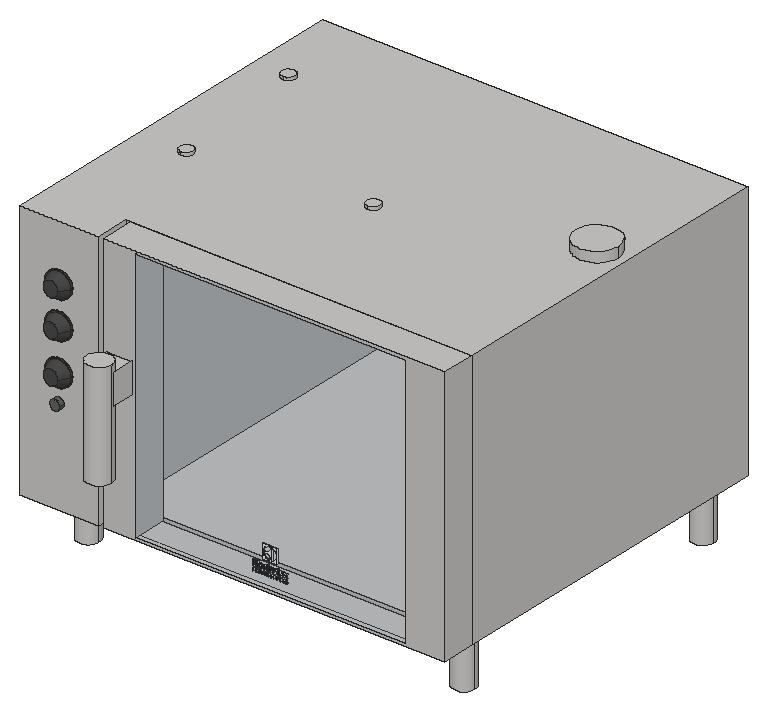
Revit family "QF_ELECTROLUXPROFESSIONAL_260689_EFCE61CSCS", category Attrezzature speciali, Revit 2018
Family settings
  Quota connettore circolare = Usa diametro
  Tipo di parte = Normale
  Basato su piano di lavoro = No
  Sempre verticale = Sì
  Taglio con vuoti quando caricato = No
  Condiviso = No
  Punto di calcolo locali = No
Parameters (values of type "Standard")
  Weight = 79.50 kg
  Watts = 7700 W
  Volts = 230 V
  URL Manufacturer = "https://www.electroluxprofessional.com/"
  URL = "https://www.electroluxprofessional.com/"
  Steam Supply Size = 0 mm
  Steam Supply Minimum Pressure = 0.0 Pa
  Steam Supply Maximum Pressure = 0.0 Pa
  Steam Consumption per Hour = 0
  Show Logo [instance] = yes
  Show Clearance [instance] = yes
  Refrigeration Suction Line Size = 0 mm
  Refrigeration Liquid Line Size = 0 mm
  Refrigerant Compressor Remote = yes
  Produttore = "Electrolux Professional"
  Phase = 3
  Modello = "EFCE61CSCS"
  Length Actual = 860 mm  # constant formula
  Item Number = "260689"
  Hot Water Size = 0 mm
  Height Actual = 633 mm  # constant formula
  HP = "10.3 HP"
  Gas Size = 0 mm
  Gas KW = 0
  Gas Input Pressure = 0 W
  Direct Waste Size = 25 mm
  Descrizione = "CONVECTION OVEN CW 6 GN 1/1 - ELECTRIC - 230V"
  Depth Actual = 746 mm  # constant formula
  Cycle = 50 Hz
  Condensate Return Size = 0 mm
  Compressed Air Volume = 0.0 L/s
  Compressed Air Size = 0 mm
  Compressed Air Pressure = 0.0 Pa
  Cold Water Size = 19.05 mm
  Accessory = yes
Types (2, lengths in mm): name | URL | Produttore | Phase | Modello | Direct Waste Size | Descrizione | Cold Water Size
  (no name) | 0 | 0 | 0 | 0 | 0 | 0 | 0
  Standard | "https://www.electroluxprofessional.com/" | "Electrolux Professional" | 3 | "EFCE61CSCS" | 25 | "CONVECTION OVEN CW 6 GN 1/1 - ELECTRIC - 230V" | 19.05
Values of the unnamed type that differ from the named types
  Weight = 0.00 kg
  Watts = 0 W
  Volts = 0 V
  URL Manufacturer = ""
  Item Number = ""
  HP = ""
  Cycle = 0 Hz
Reference planes
  plane 1 "Center X": y = 96.851
  plane 2: z = 0
  plane 3 "Center Y": x = -330
  plane 4 "LEFT": x = -760
  plane 5 "BACK": y = 479.851
  plane 6 "RIGHT": x = 100
  plane 7 "FRONT": y = -286.149
  plane 8: x = -710
  plane 9: y = 421.851
  plane 10: y = -217.149
  plane 11: x = 50
  plane 12: y = -935.149
  plane 13: z = 108
  plane 14 "Center Z": z = 633
  plane 15: z = 0
Forms (mm)
  Extrusion 1, solid, material "QF_Finishes_Stainless Steel"
    sketch origin (0, 0, 633) x (-1, 0, 0) y (0, -1, 0)
      loop
        line (760, -479.851) -> (760, 286.149) -> (600, 286.149) -> (600, 217.149) -> (-100, 217.149) -> (-100, -479.851) -> (760, -479.851)
    from 0 to -525
  Extrusion 2, solid, material "QF_Finishes_Stainless Steel"
    sketch origin (0, -286.149, -670) x (-1, 0, 0) y (0, 0, 1)
      loop
        line (590, 1303) -> (-100, 1303) -> (-100, 778) -> (590, 778) -> (590, 1303)
      loop
        line (525, 1298) -> (-20, 1298) -> (-20, 783) -> (525, 783) -> (525, 1298)
    from 0 to 69
  Extrusion 3, solid, material "QF_Finishes_Glass"
    sketch origin (0, -286.149, -670) x (-1, 0, 0) y (0, 0, 1)
      loop
        line (-20, 1298) -> (-20, 783) -> (525, 783) -> (525, 1298) -> (-20, 1298)
    from 0 to 9.69
  Extrusion 4, solid, material "QF_Finishes_Stainless Steel"
    sketch origin (-46, 39, 638) x (0, -1, 0) y (-1, 0, 0)
      loop
        circle (-265.851, 643) r 13.25
    from 0 to 5
  Extrusion 5, solid, material "QF_Door-Drawer Clearances", visible <- "Show Clearance", detail levels coarse
    sketch origin (0, 0, 633) x (-1, 0, 0) y (0, -1, 0)
      loop
        arc (590, 286.149) -> (370.364, 743.933) -> (-100, 935.149) r 704.475
        line (-100, 935.149) -> (-100, 286.149) -> (590, 286.149)
    from -525 to 0
  Extrusion 6, solid, material "QF_Finishes_Stainless Steel"
    sketch origin (-20, -252, 638) x (0, -1, 0) y (-1, 0, 0)
      loop
        circle (-265.851, 643) r 13.25
    from 0 to 5
  Extrusion 7, solid, material "QF_Finishes_Stainless Steel"
    sketch origin (335, -276, 638) x (0, -1, 0) y (-1, 0, 0)
      loop
        circle (-337.851, 658) r 13.25
    from 0 to 5
  Extrusion 8, solid, material "QF_Finishes_Black"
    sketch origin (24, -286.149, -751.676) x (-1, 0, 0) y (0, 0, 1)
      loop
        circle (704, 1195.5) r 26.676
    from 0 to -3
  Blend 9, solid, material "QF_Finishes_Black"
    base sketch origin (-6, -286.149, -751.676) x (1, 0, 0) y (0, 0, 1)
      loop
        circle (-674, 1195.5) r 25
    top sketch origin (-6, -286.149, -751.676) x (1, 0, 0) y (0, 0, 1)
      loop
        circle (-674, 1195.5) r 15
    from 3 to 21.442
  Extrusion 10, solid, material "QF_Finishes_Black"
    sketch origin (24, -286.149, -836.676) x (-1, 0, 0) y (0, 0, 1)
      loop
        circle (704, 1195.5) r 26.676
    from 0 to -3
  Blend 11, solid, material "QF_Finishes_Black"
    base sketch origin (-6, -286.149, -836.676) x (1, 0, 0) y (0, 0, 1)
      loop
        circle (-674, 1195.5) r 25
    top sketch origin (-6, -286.149, -836.676) x (1, 0, 0) y (0, 0, 1)
      loop
        circle (-674, 1195.5) r 15
    from 3 to 21.442
  Extrusion 12, solid, material "QF_Finishes_Black"
    sketch origin (24, -286.149, -971.676) x (-1, 0, 0) y (0, 0, 1)
      loop
        circle (704, 1490.5) r 26.676
    from 0 to -3
  Blend 13, solid, material "QF_Finishes_Black"
    base sketch origin (-6, -286.149, -971.676) x (1, 0, 0) y (0, 0, 1)
      loop
        circle (-674, 1490.5) r 25
    top sketch origin (-6, -286.149, -971.676) x (1, 0, 0) y (0, 0, 1)
      loop
        circle (-674, 1490.5) r 15
    from 3 to 21.442
  Extrusion 14, solid, material "QF_Finishes_Stainless Steel"
    sketch origin (0, -572.298, 425) x (-1, 0, 0) y (0, -1, 0)
      loop
        arc (584.299, -236.149) -> (559.299, -261.149) -> (534.299, -236.149) r 25
        line (534.299, -236.149) -> (534.299, -286.149) -> (584.299, -286.149) -> (584.299, -236.149)
    from -55.026 to 5
  Extrusion 15, solid, material "QF_Finishes_Stainless Steel"
    sketch origin (0, -534.298, 425) x (-1, 0, 0) y (0, -1, 0)
      loop
        circle (559.299, -198.149) r 25
    from -193.655 to 20
  Extrusion 16, solid, material "QF_Finishes_Dark_Gray"
    sketch origin (25, -336.149, -915) x (-1, 0, 0) y (0, 0, 1)
      loop
        circle (705.941, 1218.523) r 10
    from 40 to 50
  Extrusion 17, solid, material "QF_Finishes_Stainless Steel"
    sketch origin (72.184, -18.929, 633) x (-1, 0, 0) y (0, -1, 0)
      loop
        circle (32.184, -192.78) r 43
    from 0 to 20
  Extrusion 18, void
    sketch origin (-600, -680.149, 1750) x (-1, 0, 0) y (0, 0, 1)
      loop
        line (0, -1138.194) -> (-650, -1138.194) -> (-650, -1630) -> (0, -1630) -> (0, -1138.194)
    from 463 to 1102
Cuts and joins
  Extrusion 18 cuts Extrusion 1
Lines and regions (mm)
  Split face 1
    outline origin (-760, -286.149, 633) x (0, 0, -1) y (1, 0, 0)
      loop
        line (5, 15) -> (520, 15) -> (520, 145) -> (5, 145) -> (5, 15)
  Split face 2
    outline origin (-776.014, -286.149, 425.001) x (0, 0, -1) y (1, 0, 0)
      loop
        line (152.5, 78.5) -> (168.75, 78.5) -> (168.75, 113.5) -> (152.5, 113.5) -> (152.5, 78.5)
  Split face 3
    outline origin (-760, -286.149, 633) x (0, 0, -1) y (1, 0, 0)
      loop
        line (50, 15) -> (50, 145)
  Split face 4
    outline origin (-760, -286.149, 633) x (0, 0, -1) y (1, 0, 0)
      loop
        line (475, 15) -> (475, 145)
  Split face 5
    outline origin (20, -286.149, 113) x (1, 0, 0) y (0, 0, 1)
      loop
        line (-524.004, 73.11) -> (-374.004, 73.11) -> (-352.791, 94.323) -> (-192.209, 94.323) -> (-170.996, 73.11) -> (-20.996, 73.11) -> (-20.996, 448.11) -> (-524.004, 448.11) -> (-524.004, 73.11)
  symbolic lines
    curve 1: line (-760, -286.149, 1303) -> (-760, 479.851, 1303)
    curve 2: line (-760, 479.851, 1303) -> (100, 479.851, 1303)
    curve 3: line (-600, -217.149, 1303) -> (100, -217.149, 1303)
    curve 4: line (-600, -217.149, 1303) -> (-600, -286.149, 1303)
    curve 5: line (-760, -286.149, 1303) -> (100, -286.149, 1303)
    curve 6: line (-706.676, -289.149, 1303) -> (-653.324, -289.149, 1303)
    curve 7: line (-695, -307.591, 1303) -> (-665, -307.591, 1303)
    curve 8: line (-706.676, -289.149, 1303) -> (-706.676, -286.149, 1303)
    curve 9: line (-653.324, -289.149, 1303) -> (-653.324, -286.149, 1303)
    curve 10: line (-695, -307.591, 1303) -> (-705, -289.149, 1303)
    curve 11: line (-665, -307.591, 1303) -> (-655.006, -289.149, 1303)
    curve 12: line (100, 479.851, 1303) -> (100, -286.149, 1303)
    curve 14: line (-534.299, -336.149, 1303) -> (-534.299, -286.149, 1303)
    curve 15: line (-584.299, -286.149, 1303) -> (-584.299, -336.149, 1303)
    curve 16: arc (-534.299, -336.149, 1303) -> (-559.299, -361.149, 1303) -> (-584.299, -336.149, 1303) r 25
    curve 17: arc (-584.299, -336.149, 1303) -> (-559.299, -311.149, 1303) -> (-534.299, -336.149, 1303) r 25
    curve 19: arc (83, 173.851, 1303) -> (40, 216.851, 1303) -> (-3, 173.851, 1303) r 43
    curve 20: arc (-3, 173.851, 1303) -> (40, 130.851, 1303) -> (83, 173.851, 1303) r 43
  symbolic lines, style "QF_Door-Drawer Clearances"
    curve 13: line (100, -935.149, 1303) -> (100, -286.149, 1303)
    curve 18: arc (-590, -286.149, 1303) -> (-370.364, -743.933, 1303) -> (100, -935.149, 1303) r 704.475
Dimensions and locks
  equal spacing: plane 4 "LEFT", plane 3 "Center Y", plane 6 "RIGHT"
  plane 4 "LEFT" to plane 6 "RIGHT" = 860 mm
  plane 5 "BACK" to plane 7 "FRONT" = 766 mm
  equal spacing: plane 5 "BACK", plane 1 "Center X", plane 7 "FRONT"
  plane 5 "BACK" to plane 12 = 1415 mm
  plane 13 to plane 15 = 108 mm
  plane 14 "Center Z" to plane 13 = 525 mm
  plane 14 "Center Z" to plane 15 = 633 mm
  aligned and locked: level to plane 2
  aligned and locked: plane 13 to nested 1
  aligned and locked: plane 13 to nested 2
  aligned and locked: plane 13 to nested 4
  aligned and locked: plane 13 to nested 3
  aligned and locked: Extrusion 1 to plane 13
  aligned and locked: Blend 9 to Extrusion 8
  aligned and locked: Blend 11 to Extrusion 10
  aligned and locked: Blend 13 to Extrusion 12
Automatic sketch dimensions
  curve 16 to curve 17 = 0 mm  (x2)
  curve 19 to curve 20 = 0 mm  (x2)
  curve 18 to plane 6 "RIGHT" = 0 mm
  curve 14 to plane 7 "FRONT" = 0 mm
  curve 3 to plane 10 = 0 mm
  curve 1 to plane 4 "LEFT" = 0 mm
  curve 1 to plane 5 "BACK" = 0 mm
  curve 13 to plane 12 = 0 mm
  plane 6 "RIGHT" to curve 18 = 12.296 mm
  curve 20 to plane 11 = 10 mm
  curve 14 to plane 7 "FRONT" = 50 mm
  plane 8 to curve 14 = 175.701 mm
  curve 14 to curve 16 = 25 mm
  curve 15 to curve 3 = 15.701 mm
  curve 9 to plane 7 "FRONT" = 3 mm
  curve 4 to curve 9 = 53.324 mm
  curve 11 to plane 7 "FRONT" = 21.442 mm
  curve 6 to curve 11 = 11.676 mm
  plane 8 to curve 10 = 15 mm
  plane 8 to curve 8 = 3.324 mm
  curve 20 to plane 1 "Center X" = 77 mm
  curve 18 to plane 10 = 13.632 mm
  curve 19 to plane 6 "RIGHT" = 17 mm
  curve 6 to curve 11 = 1.682 mm
  curve 10 to curve 6 = 1.676 mm
  Extrusion 1 sketch curve to plane 5 "BACK" = 0 mm
  Extrusion 1 sketch curve to plane 6 "RIGHT" = 0 mm
  Extrusion 1 sketch curve to plane 10 = 0 mm
  Extrusion 1 sketch curve to plane 7 "FRONT" = 0 mm
  Extrusion 1 sketch curve to plane 4 "LEFT" = 0 mm
  plane 8 to Extrusion 1 sketch curve = 110 mm
  Extrusion 2 sketch curve to plane 6 "RIGHT" = 0 mm
  Extrusion 2 sketch curve to plane 13 = 0 mm
  Extrusion 2 sketch curve to plane 14 "Center Z" = 0 mm
  plane 13 to Extrusion 2 sketch curve = 5 mm
  Extrusion 2 sketch curve to plane 11 = 30 mm
  Extrusion 2 sketch curve to plane 14 "Center Z" = 5 mm
  plane 8 to Extrusion 2 sketch curve = 185 mm
  Extrusion 2 sketch curve to Extrusion 2 sketch curve = 65 mm
  plane 13 to Extrusion 3 sketch curve = 5 mm
  Extrusion 3 sketch curve to plane 11 = 30 mm
  plane 8 to Extrusion 3 sketch curve = 185 mm  (x2)
  Extrusion 3 sketch curve to plane 14 "Center Z" = 5 mm
  plane 8 to Extrusion 4 sketch curve = 21 mm
  Extrusion 4 sketch curve to plane 9 = 117 mm
  Extrusion 5 sketch curve to plane 6 "RIGHT" = 0 mm
  Extrusion 5 sketch curve to plane 7 "FRONT" = 0 mm
  Extrusion 5 sketch curve to plane 12 = 0 mm
  plane 6 "RIGHT" to Extrusion 5 sketch curve = 12.296 mm
  plane 8 to Extrusion 5 sketch curve = 120 mm
  Split face 1 sketch curve to Extrusion 1 = 5 mm  (x2)
  Split face 1 sketch curve to Extrusion 1 = 15 mm  (x2)
  Split face 2 sketch curve to Extrusion 1 = 62.514 mm
  Split face 2 sketch curve to Extrusion 1 = 164.501 mm
  Split face 2 sketch curve to Split face 2 sketch curve = 16.25 mm
  Split face 2 sketch curve to Split face 2 sketch curve = 35 mm
  plane 1 "Center X" to Extrusion 6 sketch curve = 83 mm
  plane 8 to Extrusion 6 sketch curve = 47 mm
  plane 3 "Center Y" to Extrusion 7 sketch curve = 7 mm
  plane 1 "Center X" to Extrusion 7 sketch curve = 35 mm
  Split face 3 sketch curve to Extrusion 1 = 15 mm  (x2)
  Split face 3 sketch curve to Extrusion 1 = 50 mm
  Split face 4 sketch curve to Extrusion 1 = 15 mm  (x2)
  Split face 4 sketch curve to Extrusion 1 = 50 mm
  plane 8 to Extrusion 8 sketch curve = 30 mm
  Extrusion 8 sketch curve to plane 14 "Center Z" = 189.176 mm
  plane 8 to Blend 9 sketch curve = 30 mm  (x2)
  Blend 9 sketch curve to plane 14 "Center Z" = 189.176 mm  (x2)
  plane 8 to Extrusion 10 sketch curve = 30 mm
  plane 13 to Extrusion 10 sketch curve = 250.824 mm
  plane 8 to Blend 11 sketch curve = 30 mm  (x2)
  plane 13 to Blend 11 sketch curve = 250.824 mm  (x2)
  plane 8 to Extrusion 12 sketch curve = 30 mm
  Extrusion 12 sketch curve to plane 14 "Center Z" = 114.176 mm
  plane 8 to Blend 13 sketch curve = 30 mm  (x2)
  Blend 13 sketch curve to plane 14 "Center Z" = 114.176 mm  (x2)
  Split face 5 sketch curve to Extrusion 3 = 20.996 mm  (x2)
  Split face 5 sketch curve to Extrusion 3 = 73.11 mm  (x2)
  Split face 5 sketch curve to Split face 5 sketch curve = 150 mm
  Split face 5 sketch curve to Split face 5 sketch curve = 21.213 mm  (x3)
  Split face 5 sketch curve to Split face 5 sketch curve = 160.583 mm
  Split face 5 sketch curve to Extrusion 3 = 66.89 mm
  Extrusion 14 sketch curve to plane 7 "FRONT" = 0 mm
  plane 8 to Extrusion 14 sketch curve = 175.701 mm
  Extrusion 14 sketch curve to Extrusion 14 sketch curve = 25 mm
  Extrusion 14 sketch curve to Extrusion 14 sketch curve = 50 mm
  Extrusion 14 sketch curve to plane 7 "FRONT" = 50 mm
  Extrusion 14 sketch curve to Extrusion 14 sketch curve = 0 mm  (x3)
  Extrusion 15 sketch curve to plane 7 "FRONT" = 50 mm
  plane 8 to Extrusion 15 sketch curve = 150.701 mm
  plane 8 to Extrusion 16 sketch curve = 29.059 mm
  plane 13 to Extrusion 16 sketch curve = 195.523 mm
  Extrusion 17 sketch curve to plane 11 = 10 mm
  Extrusion 17 sketch curve to plane 1 "Center X" = 77 mm
  Extrusion 18 sketch curve to plane 11 = 0 mm
  plane 13 to Extrusion 18 sketch curve = 12 mm
  plane 8 to Extrusion 18 sketch curve = 110 mm
  Extrusion 18 sketch curve to plane 14 "Center Z" = 21.194 mm
  radius of Extrusion 4 sketch curve = 13.25 mm
  radius of Extrusion 6 sketch curve = 13.25 mm
  radius of Extrusion 7 sketch curve = 13.25 mm
  radius of Extrusion 8 sketch curve = 26.676 mm
  radius of Blend 9 sketch curve = 25 mm
  radius of Blend 9 sketch curve = 15 mm
  radius of Extrusion 10 sketch curve = 26.676 mm
  radius of Blend 11 sketch curve = 25 mm
  radius of Blend 11 sketch curve = 15 mm
  radius of Extrusion 12 sketch curve = 26.676 mm
  radius of Blend 13 sketch curve = 25 mm
  radius of Blend 13 sketch curve = 15 mm
  radius of Extrusion 15 sketch curve = 25 mm
  radius of Extrusion 16 sketch curve = 10 mm
  radius of Extrusion 17 sketch curve = 43 mm
Nested families
  nested 1: "Foot" at (-710, -175.149, 0), type "Foot"
    with Ø 22 mm, H 108 mm
  nested 2: "Foot" at (50, -175.149, 0), type "Foot"
    with Ø 22 mm, H 108 mm
  nested 3: "Foot" at (50, 429.851, 0), type "Foot"
    with Ø 22 mm, H 108 mm
  nested 4: "Foot" at (-710, 429.851, 0), type "Foot"
    with Ø 22 mm, H 108 mm
  nested 5: "ELX_Pro_Logo" at (-252.5, -286.149, 163.012) x (1, 0, 0) z (0, -1, 0), type "ELX_Pro_Logo"
Connectors
  piping at (-323, 61.851, 638), diameter 26.4
    settings: on Extrusion 7, index 6, connector inside diameter 609.6 mm, connector length 0 mm, flow factor 0, pipe flow 0.0 L/s, pressure drop 0.0 Pa, fitting loss kfactor 0, connector angle 0.00°, fixture units 0, engagement length 0 mm, angle of deflection 0.00°, flow configuration 0, flow direction 0, fitting loss method 0, system type 16, joint type 0, gender type 0, connector reference index -1, connector utility 0, adjustable connector no, is connector primary yes, connector description ""
  electrical at (-663, 13.851, 638)
    settings: on Extrusion 6, index 7, voltage 0 V, apparent load 0 VA, apparent load phase1 0 VA, apparent load phase2 0 VA, apparent load phase3 0 VA, power factor 1, load classification "Altro", number of poles 1, system type 30, power factor state 1, is connector primary yes, connector utility no, sub classification motor no, connector description ""
  piping at (-689, 304.851, 638), diameter 19.05, driven by "Cold Water Size"
    settings: on Extrusion 4, index 8, connector inside diameter 609.6 mm, connector length 0 mm, flow factor 0, pipe flow 0.0 L/s, pressure drop 0.0 Pa, fitting loss kfactor 0, connector angle 0.00°, fixture units 0, engagement length 0 mm, angle of deflection 0.00°, flow configuration 0, flow direction 0, fitting loss method 0, system type 20, joint type 0, gender type 0, connector reference index -1, connector utility 0, adjustable connector no, is connector primary no, connector description "Cold Water Inlet"
Definition of nested family "Foot"
  Parameters
    Ø [instance] = 20 mm
    H [instance] = 50 mm
  Reference planes
    plane 1 "Centro (Fronte/Retro)": y = 0
    plane 2: z = 0
    plane 3 "Centro (Sinistra/Destra)": x = 0
    plane 4: z = 50
  Forms (mm)
    Revolve 1, solid
      sketch origin (255.05, 0, 608.09) x (0, 0, 1) y (-1, 0, 0)
        loop
          line (-608.09, 255.05) -> (-608.09, 235.05) -> (-558.09, 235.05) -> (-558.09, 255.05) -> (-608.09, 255.05)
        axis (-608.09, 255.05) -> (-558.09, 255.05)
      angle from 0 to 360
  Dimensions and locks
    "H": plane 4 to plane 2
    "Ø": Revolve 1 sketch curve to Revolve 1 sketch curve
    aligned and locked: level to plane 2
    aligned and locked: plane 4 to Revolve 1 sketch curve
    aligned and locked: Revolve 1 sketch curve to level
    aligned and locked: plane 3 "Centro (Sinistra/Destra)" to Revolve 1 sketch curve
  Automatic sketch dimensions
    Revolve 1 sketch curve to plane 3 "Centro (Sinistra/Destra)" = 0 mm
    Revolve 1 sketch curve to Revolve 1 sketch curve = 50 mm
    Revolve 1 sketch curve to Revolve 1 sketch curve = 20 mm
Definition of nested family "ELX_Pro_Logo"
  Parameters (values of type "ELX_Pro_Logo")
    M = none
    Default Elevation = 0 mm
  Reference planes
    plane 1 "Centro (Fronte/Retro)": y = 0
    plane 2: z = 0
    plane 3 "Centro (Sinistra/Destra)": x = 0
  Forms (mm)
    Extrusion 1, solid
      sketch origin (0, 0, 0) x (1, 0, 0) y (0, 1, 0)
        loop
          line (-1219.2, 1219.2) -> (-1219.2, -1219.2) -> (1219.2, -1219.2) -> (1219.2, 1219.2) -> (-1219.2, 1219.2)
      from 0 to -304.8
    Extrusion 2, solid, material <- "M"
      sketch origin (-144.622, -1081.55, 0) x (-1, 0, 0) y (0, -1, 0)
        loop
          line (-111.329, -1069.559) -> (-111.329, -1071.073) -> (-116.048, -1071.073) -> (-116.048, -1072.896) -> (-111.328, -1072.896) -> (-111.328, -1075.549) -> (-116.349, -1075.549) -> (-116.349, -1077.368) -> (-109.396, -1077.368) -> (-109.396, -1073.46) -> (-109.396, -1069.659)
          arc (-109.396, -1069.659) -> (-110.425, -1067.175) -> (-112.909, -1066.146) r 3.513
          line (-112.909, -1066.146) -> (-116.483, -1066.146) -> (-116.483, -1067.963) -> (-112.925, -1067.963)
          arc (-112.925, -1067.963) -> (-111.797, -1068.431) -> (-111.329, -1069.559) r 1.596
        loop
          line (-119.79, -1077.358) -> (-117.856, -1077.358) -> (-117.856, -1072.053) -> (-117.856, -1066.132) -> (-119.79, -1066.132) -> (-119.79, -1072.092) -> (-119.79, -1077.358)
        loop
          line (-122.986, -1069.718) -> (-129.327, -1069.718)
          arc (-129.327, -1069.718) -> (-129.219, -1071.449) -> (-128.497, -1073.026) r 4.757
          arc (-128.497, -1073.026) -> (-125.237, -1074.5) -> (-121.978, -1073.026) r 4.34
          arc (-121.978, -1073.026) -> (-121.072, -1070.207) -> (-121.978, -1067.388) r 4.838
          arc (-121.978, -1067.388) -> (-125.393, -1065.933) -> (-128.809, -1067.388) r 4.737
          line (-128.809, -1067.388) -> (-127.645, -1068.52)
          arc (-127.645, -1068.52) -> (-125.509, -1067.576) -> (-123.374, -1068.52) r 2.888
          arc (-123.374, -1068.52) -> (-123.05, -1069.077) -> (-122.986, -1069.718) r 1.527
        loop
          arc (-127.386, -1071.076) -> (-126.67, -1072.331) -> (-125.331, -1072.872) r 2.201
          arc (-125.331, -1072.872) -> (-123.848, -1072.402) -> (-123.033, -1071.076) r 2.23
          line (-123.033, -1071.076) -> (-127.386, -1071.076)
        loop
          line (-136.862, -1071.886) -> (-138.059, -1073.132)
          arc (-138.059, -1073.132) -> (-130.327, -1070.219) -> (-138.059, -1067.306) r 4.415
          line (-138.059, -1067.306) -> (-136.862, -1068.553)
          arc (-136.862, -1068.553) -> (-132.252, -1070.22) -> (-136.862, -1071.886) r 2.606
        loop
          line (-141.192, -1069.673) -> (-141.192, -1072.494) -> (-142.951, -1072.494) -> (-142.951, -1074.25) -> (-141.195, -1074.25) -> (-141.195, -1077.358) -> (-139.262, -1077.358) -> (-139.262, -1073.332) -> (-139.262, -1069.514)
          arc (-139.262, -1069.514) -> (-140.299, -1066.92) -> (-142.98, -1066.132) r 3.196
          line (-142.98, -1066.132) -> (-142.987, -1067.949)
          arc (-142.987, -1067.949) -> (-141.652, -1068.356) -> (-141.192, -1069.673) r 1.542
        loop
          line (-146.494, -1073.042) -> (-146.494, -1074.25) -> (-144.576, -1074.25) -> (-144.576, -1070.271) -> (-144.576, -1066.132) -> (-146.494, -1066.132) -> (-146.494, -1070.401)
          arc (-146.494, -1070.401) -> (-147.446, -1072.228) -> (-149.489, -1072.494) r 2.229
          line (-149.489, -1072.494) -> (-149.489, -1074.362)
          arc (-149.489, -1074.362) -> (-147.761, -1074.226) -> (-146.494, -1073.042) r 2.627
        loop
          line (-159.833, -1072.246) -> (-159.833, -1066.131) -> (-161.767, -1066.131) -> (-161.767, -1072.17) -> (-161.767, -1077.359) -> (-159.833, -1077.359) -> (-159.833, -1072.246)
        loop
          line (-165.194, -1069.514) -> (-165.194, -1074.25) -> (-163.245, -1074.25) -> (-163.245, -1071.898) -> (-163.245, -1069.098)
          arc (-163.245, -1069.098) -> (-166.96, -1065.769) -> (-170.687, -1069.085) r 3.745
          line (-170.687, -1069.085) -> (-170.687, -1071.898) -> (-170.687, -1074.25) -> (-168.739, -1074.25) -> (-168.739, -1069.514)
          arc (-168.739, -1069.514) -> (-166.967, -1067.742) -> (-165.194, -1069.514) r 1.772
        loop
          line (-174.654, -1070.416) -> (-172.975, -1068.078) -> (-171.578, -1066.131) -> (-173.656, -1066.131) -> (-175.717, -1068.999) -> (-177.779, -1066.131) -> (-179.857, -1066.131) -> (-178, -1068.728) -> (-176.781, -1070.433) -> (-178.29, -1072.488) -> (-179.583, -1074.25) -> (-177.473, -1074.25) -> (-175.717, -1071.818) -> (-173.945, -1074.25) -> (-171.852, -1074.25) -> (-173.052, -1072.608) -> (-174.654, -1070.416)
        loop
          circle (-154.223, -1070.188) r 2.508
        loop
          circle (-154.223, -1070.188) r 4.42
        loop
          line (-110.224, -1058.542) -> (-111.194, -1058.542)
          arc (-111.194, -1058.542) -> (-112.217, -1059.95) -> (-110.924, -1061.114) r 1.3
          line (-110.924, -1061.114) -> (-109.424, -1061.114) -> (-109.424, -1057.223) -> (-110.224, -1057.223) -> (-110.224, -1058.542)
        loop
          line (-110.224, -1060.379) -> (-110.224, -1059.293) -> (-111.03, -1059.293)
          arc (-111.03, -1059.293) -> (-111.43, -1059.836) -> (-111.03, -1060.379) r 0.569
          line (-111.03, -1060.379) -> (-110.224, -1060.379)
        loop
          line (-116.302, -1058.564) -> (-117.128, -1058.564) -> (-117.934, -1057.223) -> (-118.841, -1057.223) -> (-117.833, -1058.884)
          arc (-117.833, -1058.884) -> (-118.214, -1060.282) -> (-117.028, -1061.114) r 1.26
          line (-117.028, -1061.114) -> (-115.503, -1061.114) -> (-115.503, -1057.223) -> (-116.302, -1057.223) -> (-116.302, -1058.564)
        loop
          line (-116.302, -1060.379) -> (-116.302, -1059.293) -> (-117.109, -1059.293)
          arc (-117.109, -1059.293) -> (-117.508, -1059.836) -> (-117.109, -1060.379) r 0.569
          line (-117.109, -1060.379) -> (-116.302, -1060.379)
        loop
          line (-128.923, -1057.223) -> (-129.723, -1057.223) -> (-129.723, -1058.714) -> (-131.187, -1058.714) -> (-131.187, -1059.514) -> (-129.723, -1059.514) -> (-129.723, -1060.314) -> (-131.327, -1060.314) -> (-131.327, -1061.114) -> (-128.923, -1061.114) -> (-128.923, -1057.223)
        loop
          arc (-134.628, -1058.469) -> (-134.992, -1057.588) -> (-135.874, -1057.223) r 1.246
          line (-135.874, -1057.223) -> (-137.13, -1057.223) -> (-137.13, -1058.023) -> (-135.969, -1058.023)
          arc (-135.969, -1058.023) -> (-135.53, -1058.237) -> (-135.427, -1058.714) r 0.558
          line (-135.427, -1058.714) -> (-136.984, -1058.714) -> (-136.984, -1059.514) -> (-135.427, -1059.514) -> (-135.427, -1060.314) -> (-137.092, -1060.314) -> (-137.092, -1061.114) -> (-134.628, -1061.114) -> (-134.628, -1058.469)
        loop
          line (-152.3, -1057.223) -> (-153.1, -1057.223) -> (-153.1, -1061.114) -> (-152.3, -1061.114) -> (-152.3, -1057.223)
        loop
          line (-164.67, -1057.223) -> (-164.67, -1059.67) -> (-166.45, -1057.223) -> (-167.25, -1057.223) -> (-167.25, -1061.114) -> (-166.42, -1061.114) -> (-166.42, -1058.594) -> (-164.64, -1061.114) -> (-163.84, -1061.114) -> (-163.84, -1057.223) -> (-164.67, -1057.223)
        loop
          line (-170.403, -1057.223) -> (-171.262, -1057.223) -> (-171.641, -1058.063) -> (-173.08, -1058.063) -> (-173.459, -1057.223) -> (-174.317, -1057.223) -> (-172.796, -1061.113) -> (-171.996, -1061.113) -> (-170.403, -1057.223)
        loop
          line (-177.493, -1057.223) -> (-179.789, -1057.223) -> (-179.789, -1058.023) -> (-178.293, -1058.023) -> (-178.293, -1061.114) -> (-177.493, -1061.114) -> (-177.493, -1057.223)
        loop
          line (-172.362, -1059.848) -> (-171.945, -1058.83) -> (-172.76, -1058.83) -> (-172.362, -1059.848)
        loop
          circle (-158.484, -1059.145) r 1.288
        loop
          circle (-158.484, -1059.145) r 2.065
        loop
          arc (-146.04, -1058.095) -> (-146.933, -1057.275) -> (-148.145, -1057.245) r 1.725
          arc (-148.145, -1057.245) -> (-148.965, -1058.02) -> (-148.68, -1059.111) r 1.107
          arc (-148.68, -1059.111) -> (-148.103, -1059.465) -> (-147.486, -1059.746) r 5.523
          arc (-147.486, -1059.746) -> (-147.147, -1060.262) -> (-147.708, -1060.52) r 0.407
          arc (-147.708, -1060.52) -> (-148.045, -1060.315) -> (-148.325, -1060.038) r 1.702
          line (-148.325, -1060.038) -> (-149.011, -1060.45)
          arc (-149.011, -1060.45) -> (-148.578, -1060.911) -> (-148.043, -1061.247) r 2.463
          arc (-148.043, -1061.247) -> (-146.373, -1060.466) -> (-147.42, -1058.949) r 1.207
          spline (-147.42, -1058.949) -> (-147.716, -1058.809) -> (-147.932, -1058.678) -> (-148.077, -1058.557) -> (-148.163, -1058.446) -> (-148.198, -1058.347) -> (-148.192, -1058.258) -> (-148.157, -1058.182) -> (-148.102, -1058.118) -> (-148.037, -1058.068) -> (-147.972, -1058.031) -> (-147.917, -1058.008) -> (-147.883, -1058)
          arc (-147.883, -1058) -> (-147.238, -1058.014) -> (-146.759, -1058.446) r 0.925
          line (-146.759, -1058.446) -> (-146.04, -1058.095)
        loop
          arc (-140.18, -1058.095) -> (-141.073, -1057.275) -> (-142.285, -1057.245) r 1.725
          arc (-142.285, -1057.245) -> (-143.106, -1058.02) -> (-142.821, -1059.111) r 1.107
          arc (-142.821, -1059.111) -> (-142.243, -1059.465) -> (-141.627, -1059.746) r 5.523
          arc (-141.627, -1059.746) -> (-141.287, -1060.262) -> (-141.849, -1060.52) r 0.407
          arc (-141.849, -1060.52) -> (-142.185, -1060.315) -> (-142.466, -1060.038) r 1.702
          line (-142.466, -1060.038) -> (-143.151, -1060.45)
          arc (-143.151, -1060.45) -> (-142.719, -1060.911) -> (-142.183, -1061.247) r 2.463
          arc (-142.183, -1061.247) -> (-140.513, -1060.466) -> (-141.56, -1058.949) r 1.207
          spline (-141.56, -1058.949) -> (-141.856, -1058.809) -> (-142.072, -1058.678) -> (-142.218, -1058.557) -> (-142.303, -1058.446) -> (-142.338, -1058.347) -> (-142.333, -1058.258) -> (-142.298, -1058.182) -> (-142.242, -1058.118) -> (-142.177, -1058.068) -> (-142.112, -1058.031) -> (-142.057, -1058.008) -> (-142.023, -1058)
          arc (-142.023, -1058) -> (-141.378, -1058.014) -> (-140.9, -1058.446) r 0.925
          line (-140.9, -1058.446) -> (-140.18, -1058.095)
        loop
          circle (-123.484, -1059.145) r 1.288
        loop
          circle (-123.484, -1059.145) r 2.065
        loop
          line (-130.225, -1113.361) -> (-130.225, -1084.645) -> (-158.979, -1084.645) -> (-158.979, -1113.361) -> (-130.225, -1113.361)
        loop
          arc (-148.442, -1086.055) -> (-157.992, -1098.973) -> (-148.442, -1111.892) r 13.512
          line (-148.442, -1111.892) -> (-148.442, -1086.055)
        loop
          line (-147.127, -1086.055) -> (-147.127, -1087.926)
          arc (-147.127, -1087.926) -> (-143.116, -1095.125) -> (-135.48, -1098.224) r 12.412
          line (-135.48, -1098.224) -> (-131.205, -1098.224)
          arc (-131.205, -1098.224) -> (-136.382, -1088.497) -> (-147.127, -1086.055) r 13.242
        loop
          line (-147.127, -1110.021) -> (-147.127, -1112.224)
          arc (-147.127, -1112.224) -> (-136.374, -1109.53) -> (-131.205, -1099.722) r 13.588
          line (-131.205, -1099.722) -> (-135.48, -1099.722)
          arc (-135.48, -1099.722) -> (-143.116, -1102.822) -> (-147.127, -1110.021) r 12.412
      from 0 to 1.6
  Lines and regions (mm)
    symbolic lines
      curve 1: line (-14.357, 31.811, 0) -> (14.357, 31.811, 0)
      curve 2: line (-14.357, 3.095, 0) -> (-14.357, 31.811, 0)
      curve 3: line (14.357, 3.095, 0) -> (-14.357, 3.095, 0)
      curve 4: line (14.357, 31.811, 0) -> (14.357, 3.095, 0)
      curve 5: line (-8.32, 7.722, 0) -> (-9.387, 8.738, 0)
      curve 6: line (-9.387, 8.738, 0) -> (-10.331, 9.866, 0)
      curve 7: line (-10.331, 9.866, 0) -> (-11.141, 11.095, 0)
      curve 8: line (-11.141, 11.095, 0) -> (-11.805, 12.411, 0)
      curve 9: line (-11.805, 12.411, 0) -> (-12.31, 13.803, 0)
      curve 10: line (-12.31, 13.803, 0) -> (-12.646, 15.26, 0)
      curve 11: line (-12.646, 15.26, 0) -> (-12.8, 16.77, 0)
      curve 12: line (-12.8, 16.77, 0) -> (-10.081, 16.77, 0)
      curve 13: line (-10.081, 16.77, 0) -> (-8.466, 16.661, 0)
      curve 14: line (-8.466, 16.661, 0) -> (-6.88, 16.344, 0)
      curve 15: line (-6.88, 16.344, 0) -> (-5.345, 15.833, 0)
      curve 16: line (-5.345, 15.833, 0) -> (-3.882, 15.143, 0)
      curve 17: line (-3.882, 15.143, 0) -> (-2.511, 14.288, 0)
      curve 18: line (-2.511, 14.288, 0) -> (-1.255, 13.283, 0)
      curve 19: line (-1.255, 13.283, 0) -> (-0.135, 12.143, 0)
      curve 20: line (-0.135, 12.143, 0) -> (0.83, 10.882, 0)
      curve 21: line (0.83, 10.882, 0) -> (1.616, 9.515, 0)
      curve 22: arc (1.616, 9.515, 0) -> (2.419, 7.28, 0) -> (2.7, 4.923, 0) r 10.532
      curve 23: arc (2.7, 4.923, 0) -> (1.362, 4.715, 0) -> (0.011, 4.633, 0) r 14.39
      curve 24: line (0.011, 4.633, 0) -> (-1.56, 4.731, 0)
      curve 25: line (-1.56, 4.731, 0) -> (-3.062, 5.011, 0)
      curve 26: line (-3.062, 5.011, 0) -> (-4.502, 5.462, 0)
      curve 27: line (-4.502, 5.462, 0) -> (-5.866, 6.072, 0)
      curve 28: line (-5.866, 6.072, 0) -> (-7.142, 6.829, 0)
      curve 29: line (-7.142, 6.829, 0) -> (-8.32, 7.722, 0)
      curve 30: line (-10.802, 24.24, 0) -> (-9.872, 25.531, 0)
      curve 31: line (-9.872, 25.531, 0) -> (-8.796, 26.699, 0)
      curve 32: line (-8.796, 26.699, 0) -> (-7.587, 27.728, 0)
      curve 33: line (-7.587, 27.728, 0) -> (-6.258, 28.602, 0)
      curve 34: line (-6.258, 28.602, 0) -> (-4.823, 29.309, 0)
      curve 35: line (-4.823, 29.309, 0) -> (-3.293, 29.832, 0)
      curve 36: line (-3.293, 29.832, 0) -> (-1.683, 30.156, 0)
      curve 37: arc (-1.683, 30.156, 0) -> (0.517, 30.256, 0) -> (2.702, 29.984, 0) r 13.008
      curve 38: arc (2.702, 29.984, 0) -> (2.453, 27.616, 0) -> (1.617, 25.387, 0) r 9.395
      curve 39: line (1.617, 25.387, 0) -> (0.83, 24.018, 0)
      curve 40: line (0.83, 24.018, 0) -> (-0.134, 22.756, 0)
      curve 41: line (-0.134, 22.756, 0) -> (-1.255, 21.615, 0)
      curve 42: line (-1.255, 21.615, 0) -> (-2.512, 20.609, 0)
      curve 43: line (-2.512, 20.609, 0) -> (-3.882, 19.754, 0)
      curve 44: line (-3.882, 19.754, 0) -> (-5.346, 19.063, 0)
      curve 45: line (-5.346, 19.063, 0) -> (-6.881, 18.551, 0)
      curve 46: line (-6.881, 18.551, 0) -> (-8.467, 18.234, 0)
      curve 47: line (-8.467, 18.234, 0) -> (-10.083, 18.125, 0)
      curve 48: line (-10.083, 18.125, 0) -> (-12.798, 18.125, 0)
      curve 49: line (-12.798, 18.125, 0) -> (-12.584, 19.768, 0)
      curve 50: line (-12.584, 19.768, 0) -> (-12.171, 21.343, 0)
      curve 51: line (-12.171, 21.343, 0) -> (-11.572, 22.839, 0)
      curve 52: line (-11.572, 22.839, 0) -> (-10.802, 24.24, 0)
      curve 53: line (4.048, 5.294, 0) -> (4.048, 29.617, 0)
      curve 54: line (4.048, 29.617, 0) -> (5.525, 29.026, 0)
      curve 55: line (5.525, 29.026, 0) -> (6.905, 28.26, 0)
      curve 56: line (6.905, 28.26, 0) -> (8.174, 27.332, 0)
      curve 57: line (8.174, 27.332, 0) -> (9.318, 26.256, 0)
      curve 58: line (9.318, 26.256, 0) -> (10.323, 25.046, 0)
      curve 59: line (10.323, 25.046, 0) -> (11.177, 23.715, 0)
      curve 60: line (11.177, 23.715, 0) -> (11.865, 22.277, 0)
      curve 61: line (11.865, 22.277, 0) -> (12.375, 20.746, 0)
      curve 62: line (12.375, 20.746, 0) -> (12.693, 19.135, 0)
      curve 63: line (12.693, 19.135, 0) -> (12.804, 17.459, 0)
      curve 64: line (12.804, 17.459, 0) -> (12.702, 15.807, 0)
      curve 65: line (12.702, 15.807, 0) -> (12.396, 14.216, 0)
      curve 66: line (12.396, 14.216, 0) -> (11.897, 12.7, 0)
      curve 67: line (11.897, 12.7, 0) -> (11.218, 11.271, 0)
      curve 68: line (11.218, 11.271, 0) -> (10.372, 9.944, 0)
      curve 69: line (10.372, 9.944, 0) -> (9.37, 8.731, 0)
      curve 70: line (9.37, 8.731, 0) -> (8.224, 7.646, 0)
      curve 71: line (8.224, 7.646, 0) -> (6.947, 6.703, 0)
      curve 72: line (6.947, 6.703, 0) -> (5.551, 5.914, 0)
      curve 73: line (5.551, 5.914, 0) -> (4.048, 5.294, 0)
      curve 74: line (-35.227, -8.09, 0) -> (-35.227, -11.891, 0)
      curve 75: arc (-35.227, -11.891, 0) -> (-34.198, -14.375, 0) -> (-31.714, -15.404, 0) r 3.513
      curve 76: line (-31.714, -15.404, 0) -> (-28.139, -15.404, 0)
      curve 77: line (-28.139, -15.404, 0) -> (-28.139, -13.587, 0)
      curve 78: line (-28.139, -13.587, 0) -> (-31.697, -13.587, 0)
      curve 79: arc (-31.697, -13.587, 0) -> (-32.826, -13.119, 0) -> (-33.293, -11.991, 0) r 1.596
      curve 80: line (-33.293, -11.991, 0) -> (-33.293, -10.477, 0)
      curve 81: line (-33.293, -10.477, 0) -> (-28.574, -10.477, 0)
      curve 82: line (-28.574, -10.477, 0) -> (-28.574, -8.654, 0)
      curve 83: line (-28.574, -8.654, 0) -> (-33.294, -8.654, 0)
      curve 84: line (-33.294, -8.654, 0) -> (-33.294, -6.001, 0)
      curve 85: line (-33.294, -6.001, 0) -> (-28.273, -6.001, 0)
      curve 86: line (-28.273, -6.001, 0) -> (-28.273, -4.182, 0)
      curve 87: line (-28.273, -4.182, 0) -> (-35.227, -4.182, 0)
      curve 88: line (-35.227, -4.182, 0) -> (-35.227, -8.09, 0)
      curve 89: line (-24.833, -9.458, 0) -> (-24.833, -4.192, 0)
      curve 90: line (-24.833, -4.192, 0) -> (-26.766, -4.192, 0)
      curve 91: line (-26.766, -4.192, 0) -> (-26.766, -9.497, 0)
      curve 92: line (-26.766, -9.497, 0) -> (-26.766, -15.418, 0)
      curve 93: line (-26.766, -15.418, 0) -> (-24.833, -15.418, 0)
      curve 94: line (-24.833, -15.418, 0) -> (-24.833, -9.458, 0)
      curve 95: arc (-16.125, -8.524, 0) -> (-19.385, -7.05, 0) -> (-22.645, -8.524, 0) r 4.34
      curve 96: arc (-22.645, -8.524, 0) -> (-23.551, -11.343, 0) -> (-22.645, -14.162, 0) r 4.838
      curve 97: arc (-22.645, -14.162, 0) -> (-19.229, -15.617, 0) -> (-15.813, -14.162, 0) r 4.737
      curve 98: line (-15.813, -14.162, 0) -> (-16.978, -13.03, 0)
      curve 99: arc (-16.978, -13.03, 0) -> (-19.113, -13.974, 0) -> (-21.249, -13.03, 0) r 2.888
      curve 100: arc (-21.249, -13.03, 0) -> (-21.572, -12.473, 0) -> (-21.637, -11.832, 0) r 1.527
      curve 101: line (-21.637, -11.832, 0) -> (-15.295, -11.832, 0)
      curve 102: arc (-15.295, -11.832, 0) -> (-15.404, -10.101, 0) -> (-16.125, -8.524, 0) r 4.757
      curve 103: line (-17.236, -10.474, 0) -> (-21.589, -10.474, 0)
      curve 104: arc (-21.589, -10.474, 0) -> (-20.774, -9.148, 0) -> (-19.291, -8.678, 0) r 2.23
      curve 105: arc (-19.291, -8.678, 0) -> (-17.952, -9.219, 0) -> (-17.236, -10.474, 0) r 2.201
      curve 106: arc (-6.563, -8.418, 0) -> (-14.295, -11.331, 0) -> (-6.563, -14.244, 0) r 4.415
      curve 107: line (-6.563, -14.244, 0) -> (-7.761, -12.997, 0)
      curve 108: arc (-7.761, -12.997, 0) -> (-12.371, -11.33, 0) -> (-7.761, -9.664, 0) r 2.606
      curve 109: line (-7.761, -9.664, 0) -> (-6.563, -8.418, 0)
      curve 110: line (-5.361, -4.192, 0) -> (-5.361, -8.218, 0)
      curve 111: line (-5.361, -8.218, 0) -> (-5.361, -12.036, 0)
      curve 112: arc (-5.361, -12.036, 0) -> (-4.323, -14.63, 0) -> (-1.642, -15.418, 0) r 3.196
      curve 113: line (-1.642, -15.418, 0) -> (-1.636, -13.601, 0)
      curve 114: arc (-1.636, -13.601, 0) -> (-2.97, -13.194, 0) -> (-3.43, -11.877, 0) r 1.542
      curve 115: line (-3.43, -11.877, 0) -> (-3.43, -9.056, 0)
      curve 116: line (-3.43, -9.056, 0) -> (-1.672, -9.056, 0)
      curve 117: line (-1.672, -9.056, 0) -> (-1.672, -7.299, 0)
      curve 118: line (-1.672, -7.299, 0) -> (-3.427, -7.299, 0)
      curve 119: line (-3.427, -7.299, 0) -> (-3.427, -4.192, 0)
      curve 120: line (-3.427, -4.192, 0) -> (-5.361, -4.192, 0)
      curve 121: line (1.872, -7.3, 0) -> (-0.046, -7.3, 0)
      curve 122: line (-0.046, -7.3, 0) -> (-0.046, -11.279, 0)
      curve 123: line (-0.046, -11.279, 0) -> (-0.046, -15.418, 0)
      curve 124: line (-0.046, -15.418, 0) -> (1.872, -15.418, 0)
      curve 125: line (1.872, -15.418, 0) -> (1.872, -11.149, 0)
      curve 126: arc (1.872, -11.149, 0) -> (2.824, -9.322, 0) -> (4.867, -9.056, 0) r 2.229
      curve 127: line (4.867, -9.056, 0) -> (4.867, -7.188, 0)
      curve 128: arc (4.867, -7.188, 0) -> (3.138, -7.324, 0) -> (1.872, -8.508, 0) r 2.627
      curve 129: line (1.872, -8.508, 0) -> (1.872, -7.3, 0)
      curve 130: arc (7.092, -11.362, 0) -> (9.601, -8.854, 0) -> (12.109, -11.362, 0) r 2.508
      curve 131: arc (12.109, -11.362, 0) -> (9.601, -13.871, 0) -> (7.092, -11.362, 0) r 2.508
      curve 132: arc (5.18, -11.362, 0) -> (9.601, -15.783, 0) -> (14.021, -11.362, 0) r 4.42
      curve 133: arc (14.021, -11.362, 0) -> (9.601, -6.942, 0) -> (5.18, -11.362, 0) r 4.42
      curve 134: line (15.211, -4.191, 0) -> (15.211, -9.304, 0)
      curve 135: line (15.211, -9.304, 0) -> (15.211, -15.419, 0)
      curve 136: line (15.211, -15.419, 0) -> (17.145, -15.419, 0)
      curve 137: line (17.145, -15.419, 0) -> (17.145, -9.38, 0)
      curve 138: line (17.145, -9.38, 0) -> (17.145, -4.191, 0)
      curve 139: line (17.145, -4.191, 0) -> (15.211, -4.191, 0)
      curve 140: line (18.622, -7.299, 0) -> (18.622, -9.652, 0)
      curve 141: line (18.622, -9.652, 0) -> (18.622, -12.452, 0)
      curve 142: arc (18.622, -12.452, 0) -> (22.338, -15.781, 0) -> (26.064, -12.465, 0) r 3.745
      curve 143: line (26.064, -12.465, 0) -> (26.064, -9.652, 0)
      curve 144: line (26.064, -9.652, 0) -> (26.064, -7.299, 0)
      curve 145: line (26.064, -7.299, 0) -> (24.116, -7.299, 0)
      curve 146: line (24.116, -7.299, 0) -> (24.116, -12.036, 0)
      curve 147: arc (24.116, -12.036, 0) -> (22.344, -13.808, 0) -> (20.572, -12.036, 0) r 1.772
      curve 148: line (20.572, -12.036, 0) -> (20.572, -7.299, 0)
      curve 149: line (20.572, -7.299, 0) -> (18.622, -7.299, 0)
      curve 150: line (28.43, -8.942, 0) -> (30.032, -11.134, 0)
      curve 151: line (30.032, -11.134, 0) -> (28.353, -13.472, 0)
      curve 152: line (28.353, -13.472, 0) -> (26.955, -15.419, 0)
      curve 153: line (26.955, -15.419, 0) -> (29.033, -15.419, 0)
      curve 154: line (29.033, -15.419, 0) -> (31.095, -12.551, 0)
      curve 155: line (31.095, -12.551, 0) -> (33.156, -15.419, 0)
      curve 156: line (33.156, -15.419, 0) -> (35.234, -15.419, 0)
      curve 157: line (35.234, -15.419, 0) -> (33.378, -12.822, 0)
      curve 158: line (33.378, -12.822, 0) -> (32.158, -11.117, 0)
      curve 159: line (32.158, -11.117, 0) -> (33.668, -9.062, 0)
      curve 160: line (33.668, -9.062, 0) -> (34.961, -7.3, 0)
      curve 161: line (34.961, -7.3, 0) -> (32.851, -7.3, 0)
      curve 162: line (32.851, -7.3, 0) -> (31.095, -9.732, 0)
      curve 163: line (31.095, -9.732, 0) -> (29.323, -7.3, 0)
      curve 164: line (29.323, -7.3, 0) -> (27.23, -7.3, 0)
      curve 165: line (27.23, -7.3, 0) -> (28.43, -8.942, 0)
      curve 166: line (-35.198, -20.436, 0) -> (-35.198, -24.327, 0)
      curve 167: line (-35.198, -24.327, 0) -> (-34.398, -24.327, 0)
      curve 168: line (-34.398, -24.327, 0) -> (-34.398, -23.008, 0)
      curve 169: line (-34.398, -23.008, 0) -> (-33.428, -23.008, 0)
      curve 170: arc (-33.428, -23.008, 0) -> (-32.405, -21.6, 0) -> (-33.699, -20.436, 0) r 1.3
      curve 171: line (-33.699, -20.436, 0) -> (-35.198, -20.436, 0)
      curve 172: line (-34.398, -22.257, 0) -> (-34.398, -21.171, 0)
      curve 173: line (-34.398, -21.171, 0) -> (-33.592, -21.171, 0)
      curve 174: arc (-33.592, -21.171, 0) -> (-33.192, -21.714, 0) -> (-33.592, -22.257, 0) r 0.569
      curve 175: line (-33.592, -22.257, 0) -> (-34.398, -22.257, 0)
      curve 176: line (-29.12, -20.436, 0) -> (-29.12, -24.327, 0)
      curve 177: line (-29.12, -24.327, 0) -> (-28.32, -24.327, 0)
      curve 178: line (-28.32, -24.327, 0) -> (-28.32, -22.986, 0)
      curve 179: line (-28.32, -22.986, 0) -> (-27.494, -22.986, 0)
      curve 180: line (-27.494, -22.986, 0) -> (-26.688, -24.327, 0)
      curve 181: line (-26.688, -24.327, 0) -> (-25.781, -24.327, 0)
      curve 182: line (-25.781, -24.327, 0) -> (-26.789, -22.666, 0)
      curve 183: arc (-26.789, -22.666, 0) -> (-26.409, -21.268, 0) -> (-27.594, -20.436, 0) r 1.26
      curve 184: line (-27.594, -20.436, 0) -> (-29.12, -20.436, 0)
      curve 185: line (-28.32, -22.257, 0) -> (-28.32, -21.171, 0)
      curve 186: line (-28.32, -21.171, 0) -> (-27.514, -21.171, 0)
      curve 187: arc (-27.514, -21.171, 0) -> (-27.114, -21.714, 0) -> (-27.514, -22.257, 0) r 0.569
      curve 188: line (-27.514, -22.257, 0) -> (-28.32, -22.257, 0)
      curve 189: arc (-22.427, -22.405, 0) -> (-21.138, -21.117, 0) -> (-19.85, -22.405, 0) r 1.288
      curve 190: arc (-19.85, -22.405, 0) -> (-21.138, -23.694, 0) -> (-22.427, -22.405, 0) r 1.288
      curve 191: arc (-23.203, -22.405, 0) -> (-21.138, -24.47, 0) -> (-19.074, -22.405, 0) r 2.065
      curve 192: arc (-19.074, -22.405, 0) -> (-21.138, -20.34, 0) -> (-23.203, -22.405, 0) r 2.065
      curve 193: line (-15.7, -20.436, 0) -> (-15.7, -24.327, 0)
      curve 194: line (-15.7, -24.327, 0) -> (-14.9, -24.327, 0)
      curve 195: line (-14.9, -24.327, 0) -> (-14.9, -22.836, 0)
      curve 196: line (-14.9, -22.836, 0) -> (-13.436, -22.836, 0)
      curve 197: line (-13.436, -22.836, 0) -> (-13.436, -22.036, 0)
      curve 198: line (-13.436, -22.036, 0) -> (-14.9, -22.036, 0)
      curve 199: line (-14.9, -22.036, 0) -> (-14.9, -21.236, 0)
      curve 200: line (-14.9, -21.236, 0) -> (-13.295, -21.236, 0)
      curve 201: line (-13.295, -21.236, 0) -> (-13.295, -20.436, 0)
      curve 202: line (-13.295, -20.436, 0) -> (-15.7, -20.436, 0)
      curve 203: line (-9.995, -20.436, 0) -> (-9.995, -23.081, 0)
      curve 204: arc (-9.995, -23.081, 0) -> (-9.63, -23.962, 0) -> (-8.749, -24.327, 0) r 1.246
      curve 205: line (-8.749, -24.327, 0) -> (-7.492, -24.327, 0)
      curve 206: line (-7.492, -24.327, 0) -> (-7.492, -23.527, 0)
      curve 207: line (-7.492, -23.527, 0) -> (-8.653, -23.527, 0)
      curve 208: arc (-8.653, -23.527, 0) -> (-9.092, -23.313, 0) -> (-9.195, -22.836, 0) r 0.558
      curve 209: line (-9.195, -22.836, 0) -> (-7.639, -22.836, 0)
      curve 210: line (-7.639, -22.836, 0) -> (-7.639, -22.036, 0)
      curve 211: line (-7.639, -22.036, 0) -> (-9.195, -22.036, 0)
      curve 212: line (-9.195, -22.036, 0) -> (-9.195, -21.236, 0)
      curve 213: line (-9.195, -21.236, 0) -> (-7.53, -21.236, 0)
      curve 214: line (-7.53, -21.236, 0) -> (-7.53, -20.436, 0)
      curve 215: line (-7.53, -20.436, 0) -> (-9.995, -20.436, 0)
      curve 216: arc (-4.442, -23.455, 0) -> (-3.549, -24.275, 0) -> (-2.337, -24.305, 0) r 1.725
      curve 217: arc (-2.337, -24.305, 0) -> (-1.517, -23.53, 0) -> (-1.802, -22.439, 0) r 1.107
      curve 218: arc (-1.802, -22.439, 0) -> (-2.379, -22.085, 0) -> (-2.996, -21.804, 0) r 5.523
      curve 219: arc (-2.996, -21.804, 0) -> (-3.336, -21.288, 0) -> (-2.774, -21.03, 0) r 0.407
      curve 220: arc (-2.774, -21.03, 0) -> (-2.437, -21.235, 0) -> (-2.157, -21.512, 0) r 1.702
      curve 221: line (-2.157, -21.512, 0) -> (-1.471, -21.1, 0)
      curve 222: arc (-1.471, -21.1, 0) -> (-1.904, -20.639, 0) -> (-2.44, -20.303, 0) r 2.463
      curve 223: arc (-2.44, -20.303, 0) -> (-4.109, -21.084, 0) -> (-3.062, -22.601, 0) r 1.207
      curve 224: line (-3.062, -22.601, 0) -> (-2.6, -23.549, 0)
      curve 225: arc (-2.6, -23.549, 0) -> (-3.244, -23.536, 0) -> (-3.723, -23.104, 0) r 0.925
      curve 226: line (-3.723, -23.104, 0) -> (-4.442, -23.455, 0)
      curve 227: arc (1.418, -23.455, 0) -> (2.311, -24.275, 0) -> (3.523, -24.305, 0) r 1.725
      curve 228: arc (3.523, -24.305, 0) -> (4.343, -23.53, 0) -> (4.058, -22.439, 0) r 1.107
      curve 229: arc (4.058, -22.439, 0) -> (3.48, -22.085, 0) -> (2.864, -21.804, 0) r 5.523
      curve 230: arc (2.864, -21.804, 0) -> (2.524, -21.288, 0) -> (3.086, -21.03, 0) r 0.407
      curve 231: arc (3.086, -21.03, 0) -> (3.423, -21.235, 0) -> (3.703, -21.512, 0) r 1.702
      curve 232: line (3.703, -21.512, 0) -> (4.389, -21.1, 0)
      curve 233: arc (4.389, -21.1, 0) -> (3.956, -20.639, 0) -> (3.42, -20.303, 0) r 2.463
      curve 234: arc (3.42, -20.303, 0) -> (1.75, -21.084, 0) -> (2.798, -22.601, 0) r 1.207
      curve 235: line (2.798, -22.601, 0) -> (3.26, -23.549, 0)
      curve 236: arc (3.26, -23.549, 0) -> (2.616, -23.536, 0) -> (2.137, -23.104, 0) r 0.925
      curve 237: line (2.137, -23.104, 0) -> (1.418, -23.455, 0)
      curve 238: line (7.678, -24.327, 0) -> (8.478, -24.327, 0)
      curve 239: line (8.478, -24.327, 0) -> (8.478, -20.436, 0)
      curve 240: line (8.478, -20.436, 0) -> (7.678, -20.436, 0)
      curve 241: line (7.678, -20.436, 0) -> (7.678, -24.327, 0)
      curve 242: arc (11.797, -22.405, 0) -> (13.862, -24.47, 0) -> (15.926, -22.405, 0) r 2.065
      curve 243: arc (15.15, -22.405, 0) -> (13.862, -23.694, 0) -> (12.573, -22.405, 0) r 1.288
      curve 244: arc (12.573, -22.405, 0) -> (13.862, -21.117, 0) -> (15.15, -22.405, 0) r 1.288
      curve 245: arc (15.926, -22.405, 0) -> (13.862, -20.34, 0) -> (11.797, -22.405, 0) r 2.065
      curve 246: line (19.217, -20.436, 0) -> (19.217, -24.327, 0)
      curve 247: line (19.217, -24.327, 0) -> (20.048, -24.327, 0)
      curve 248: line (20.048, -24.327, 0) -> (20.048, -21.88, 0)
      curve 249: line (20.048, -21.88, 0) -> (21.828, -24.327, 0)
      curve 250: line (21.828, -24.327, 0) -> (22.628, -24.327, 0)
      curve 251: line (22.628, -24.327, 0) -> (22.628, -20.436, 0)
      curve 252: line (22.628, -20.436, 0) -> (21.797, -20.436, 0)
      curve 253: line (21.797, -20.436, 0) -> (21.797, -22.956, 0)
      curve 254: line (21.797, -22.956, 0) -> (20.017, -20.436, 0)
      curve 255: line (20.017, -20.436, 0) -> (19.217, -20.436, 0)
      curve 256: line (27.374, -20.437, 0) -> (25.781, -24.327, 0)
      curve 257: line (25.781, -24.327, 0) -> (26.64, -24.327, 0)
      curve 258: line (26.64, -24.327, 0) -> (27.018, -23.487, 0)
      curve 259: line (27.018, -23.487, 0) -> (28.458, -23.487, 0)
      curve 260: line (28.458, -23.487, 0) -> (28.836, -24.327, 0)
      curve 261: line (28.836, -24.327, 0) -> (29.695, -24.327, 0)
      curve 262: line (29.695, -24.327, 0) -> (28.174, -20.437, 0)
      curve 263: line (28.174, -20.437, 0) -> (27.374, -20.437, 0)
      curve 264: line (27.322, -22.72, 0) -> (27.739, -21.702, 0)
      curve 265: line (27.739, -21.702, 0) -> (28.137, -22.72, 0)
      curve 266: line (28.137, -22.72, 0) -> (27.322, -22.72, 0)
      curve 267: line (32.87, -20.436, 0) -> (32.87, -24.327, 0)
      curve 268: line (32.87, -24.327, 0) -> (35.166, -24.327, 0)
      curve 269: line (35.166, -24.327, 0) -> (35.166, -23.527, 0)
      curve 270: line (35.166, -23.527, 0) -> (33.67, -23.527, 0)
      curve 271: line (33.67, -23.527, 0) -> (33.67, -20.436, 0)
      curve 272: line (33.67, -20.436, 0) -> (32.87, -20.436, 0)
  Dimensions and locks
    aligned and locked: plane 2 to Extrusion 1
    aligned and locked: level to Extrusion 1
